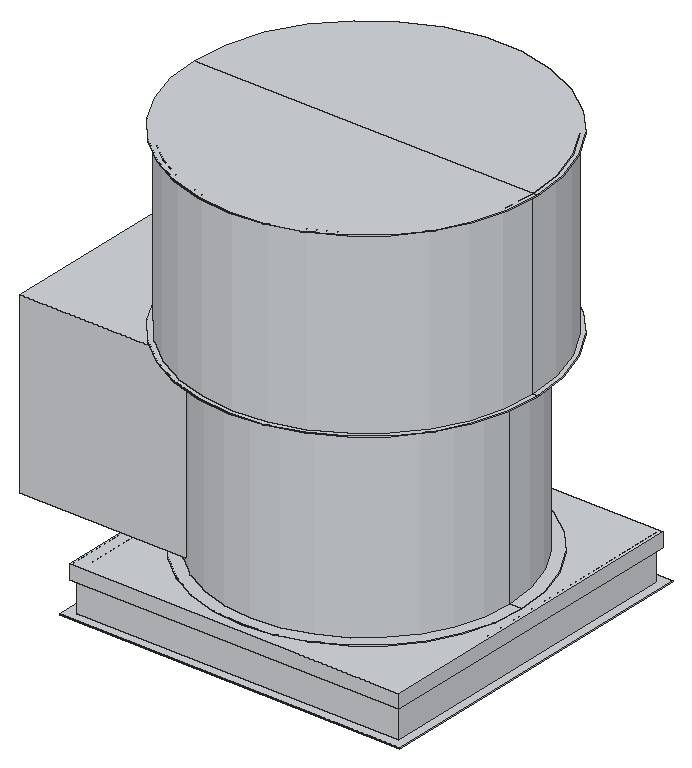
Revit family "AFB-C_Roof_Exhauster", category Mechanical Equipment, Revit 2019
Family settings
  Round Connector Dimension = Use Diameter
  Part Type = Normal
  Work Plane-Based = No
  Always vertical = Yes
  Cut with Voids When Loaded = No
  Shared = No
  Room Calculation Point = No
Parameters (values of type "60_AFB-C_ROOF_EXHAUSTER")
  Unit Weight [instance] = ""
  UP_A-E-3" = UP_A - E - 0' 3"  # 3' - 2 1/2"
  UP_A = 6' - 11 1/2"
  T_SQ = 5' - 10 1/4"
  RO/2 = RO / 2  # 2' - 8 7/8"
  RO = T_SQ - 0' 4 1/2"  # 5' - 5 3/4"
  ModelID [instance] = ""
  L/2 = L / 2  # 2' - 0 17/32"
  L = 4' - 1 1/16"
  K/2 = K / 2  # 0' - 0 7/32"
  K = 0' - 0 7/16"
  J/2 = J / 2  # 2' - 10 11/16"
  CURB_HEIGHT [instance] = 0' - 9 1/2"
  CURB [instance] = yes
  B/2*1.1 = B / 2 * 1.1  # 3' - 0.7125"
  Accessories [instance] = ""
  45 = 45.00°  # constant formula
  (T_SQ+.125")/2 = (T_SQ + 0' 0 1/4") / 2  # 2' - 11 1/4"
  (L-1")/2 = (L - 0' 1") / 2  # 2' - 0 1/32"
  (J+(J-A))/2 = (J + ((J - A) / 2)) / 2  # 3' - 0 11/16"
  J = 5' - 9 3/8"
  CENTER = 0' - 0"  # constant formula
  H-(A/2) = H - (A / 2)  # 2' - 0 1/16"
  H+J = H + CENTER  # 4' - 6 3/4"
  H = 4' - 6 3/4"
  Sones [instance] = ""
  Motor RPM [instance] = ""
  Motor Enclosure [instance] = ""
  LwA [instance] = ""
  G = 12' - 0"
  Fan RPM [instance] = ""
  F/2 = F / 2  # 0' - 1 1/2"
  F = 0' - 3"
  E/2 = E / 2  # 1' - 9"
  E-2" = E - 0' 2"  # 3' - 4"
  E = 3' - 6"
  C/2+J = C / 2 + CENTER  # 2' - 7 13/16"
  C/2 = C / 2  # 2' - 7 13/16"
  C = 5' - 3 5/8"
  B/2 = B / 2  # 2' - 9 3/8"
  B = 5' - 6 3/4"
  A/3 = A / 2.5  # 2' - 0.55"
  A/2 = A / 2  # 2' - 6 11/16"
  A = 5' - 1 3/8"
  60 = 60.00°  # constant formula
  30 = 30.00°  # constant formula
  3" = 0' - 3"  # constant formula
  Brake Hp [instance] = ""
  4" = 0' - 4"  # constant formula
  2' = 2' - 0"
  2" = 0' - 2"  # constant formula
  1" = 0' - 1"  # constant formula
  0 = 0' - 0"  # constant formula
  Voltage [instance] = 0 V
  URL = "www.lorencook.com"
  Type Comments = "Tube Axial Fan Roof Exhauster Belt Drive Arrangement 9"  # constant formula
  Static Pressure [instance] = 0.00 in-wg
  Power [instance] = Voltage * Motor FLA * sqrt(if(Phase = 3, 3, 1))  # 0 VA
  Phase [instance] = 0
  Number of Poles [instance] = 1
  Motor Hp [instance] = "0"
  Motor FLA [instance] = 0 A
  Model = "AFB-C"  # constant formula
  Manufacturer = "Loren Cook Company"
  CFM [instance] = 0 CFM
  1.5 = 0' - 1 1/2"  # constant formula
  ONE EIGTH = 0' - 0 1/8"  # constant formula
  -E/2 = -E / 2  # -1' - 9"
  -(E-.25")/2 = -(E - 0' 0 1/4") / 2  # -1' - 8 7/8"
  (K/2)-((J-A-.25")/2) = (K / 2) - ((J - A - 0' 0 1/4") / 2)  # -0' - 3 21/32"
  (J-A-.25") = (J - A - 0' 0 1/4")  # 0' - 7 3/4"
  (H-(A/2))/2 = (H - (A / 2)) / 2  # 1' - 0 1/32"
  (E-.25")/2 = (E - 0' 0 1/4") / 2  # 1' - 8 7/8"
  (A+.25")/2 = (A + 0' 0 1/4") / 2  # 2' - 6 13/16"
Types (12): name | UP_A-E-3" | UP_A | T_SQ | RO/2 | RO | L/2 | L | K/2 | K | J/2 | B/2*1.1 | (T_SQ+.125")/2 | (L-1")/2 | (J+(J-A))/2 | J | H-(A/2) | H+J | H | G | F/2 | F | E/2 | E-2" | E | C/2+J | C/2 | C | B/2 | B | A/3 | A/2 | A | -E/2 | -(E-.25")/2 | (K/2)-((J-A-.25")/2) | (J-A-.25") | (H-(A/2))/2 | (E-.25")/2 | (A+.25")/2
  (no name) | 3' - 2 1/2" | 6' - 11 1/2" | 5' - 10 1/4" | 2' - 8 7/8" | 5' - 5 3/4" | 2' - 0 17/32" | 4' - 1 1/16" | 0' - 0 7/32" | 0' - 0 7/16" | 2' - 10 11/16" | 3' - 0.7125" | 2' - 11 1/4" | 2' - 0 1/32" | 3' - 0 11/16" | 5' - 9 3/8" | 2' - 0 1/16" | 4' - 6 3/4" | 4' - 6 3/4" | 12' - 0" | 0' - 1 1/2" | 0' - 3" | 1' - 9" | 3' - 4" | 3' - 6" | 2' - 7 13/16" | 2' - 7 13/16" | 5' - 3 5/8" | 2' - 9 3/8" | 5' - 6 3/4" | 2' - 0.55" | 2' - 6 11/16" | 5' - 1 3/8" | -1' - 9" | -1' - 8 7/8" | -0' - 3 21/32" | 0' - 7 3/4" | 1' - 0 1/32" | 1' - 8 7/8" | 2' - 6 13/16"
  12_AFB-C_ROOF_EXHAUSTER | 0' - 11" | 3' - 0" | 1' - 10" | 0' - 8 3/4" | 1' - 5 1/2" | 0' - 6 3/8" | 1' - 0 3/4" | 0' - 0 3/16" | 0' - 0 3/8" | 0' - 9 1/32" | 0' - 8 19/32" | 0' - 11 1/8" | 0' - 5 7/8" | 0' - 10 21/64" | 1' - 6 1/16" | 1' - 6 3/16" | 2' - 0 5/8" | 2' - 0 5/8" | 6' - 0" | 0' - 0 5/32" | 0' - 0 5/16" | 0' - 11" | 1' - 8" | 1' - 10" | 0' - 7 5/16" | 0' - 7 5/16" | 1' - 2 5/8" | 0' - 7 13/16" | 1' - 3 5/8" | 0' - 5.15" | 0' - 6 7/16" | 1' - 0 7/8" | -0' - 11" | -0' - 10 7/8" | -0' - 2 9/32" | 0' - 4 15/16" | 0' - 9 3/32" | 0' - 10 7/8" | 0' - 6 9/16"
  16_AFB-C_ROOF_EXHAUSTER | 0' - 11" | 3' - 3" | 2' - 2" | 0' - 10 3/4" | 1' - 9 1/2" | 0' - 7 13/16" | 1' - 3 5/8" | 0' - 0 3/16" | 0' - 0 3/8" | 0' - 11 1/32" | 0' - 10.79375" | 1' - 1 1/8" | 0' - 7 5/16" | 1' - 0 21/64" | 1' - 10 1/16" | 1' - 9 11/16" | 2' - 6 1/8" | 2' - 6 1/8" | 6' - 0" | 0' - 0 5/32" | 0' - 0 5/16" | 1' - 0 1/2" | 1' - 11" | 2' - 1" | 0' - 9 5/16" | 0' - 9 5/16" | 1' - 6 5/8" | 0' - 9 13/16" | 1' - 7 5/8" | 0' - 6 3/4" | 0' - 8 7/16" | 1' - 4 7/8" | -1' - 0 1/2" | -1' - 0 3/8" | -0' - 2 9/32" | 0' - 4 15/16" | 0' - 10 27/32" | 1' - 0 3/8" | 0' - 8 9/16"
  18_AFB-C_ROOF_EXHAUSTER | 1' - 7" | 3' - 11" | 2' - 4" | 0' - 11 3/4" | 1' - 11 1/2" | 0' - 8 1/2" | 1' - 5" | 0' - 0 3/16" | 0' - 0 3/8" | 1' - 0 1/32" | 0' - 11.89375" | 1' - 2 1/8" | 0' - 8" | 1' - 1 21/64" | 2' - 0 1/16" | 1' - 9 11/16" | 2' - 7 1/8" | 2' - 7 1/8" | 6' - 0" | 0' - 0 5/32" | 0' - 0 5/16" | 1' - 0 1/2" | 1' - 11" | 2' - 1" | 0' - 10 5/16" | 0' - 10 5/16" | 1' - 8 5/8" | 0' - 10 13/16" | 1' - 9 5/8" | 0' - 7.55" | 0' - 9 7/16" | 1' - 6 7/8" | -1' - 0 1/2" | -1' - 0 3/8" | -0' - 2 9/32" | 0' - 4 15/16" | 0' - 10 27/32" | 1' - 0 3/8" | 0' - 9 9/16"
  24_AFB-C_ROOF_EXHAUSTER | 1' - 8" | 4' - 6" | 3' - 0" | 1' - 3 3/4" | 2' - 7 1/2" | 0' - 10 7/8" | 1' - 9 3/4" | 0' - 0 3/16" | 0' - 0 3/8" | 1' - 3 13/32" | 1' - 4.01875" | 1' - 6 1/8" | 0' - 10 3/8" | 1' - 4 57/64" | 2' - 6 13/16" | 2' - 3 7/16" | 3' - 3 7/8" | 3' - 3 7/8" | 6' - 0" | 0' - 0 7/32" | 0' - 0 7/16" | 1' - 3 1/2" | 2' - 5" | 2' - 7" | 1' - 1 7/16" | 1' - 1 7/16" | 2' - 2 7/8" | 1' - 2 9/16" | 2' - 5 1/8" | 0' - 9.95" | 1' - 0 7/16" | 2' - 0 7/8" | -1' - 3 1/2" | -1' - 3 3/8" | -0' - 2 21/32" | 0' - 5 11/16" | 1' - 1 23/32" | 1' - 3 3/8" | 1' - 0 9/16"
  28_AFB-C_ROOF_EXHAUSTER | 1' - 8" | 4' - 6" | 3' - 6" | 1' - 6 3/4" | 3' - 1 1/2" | 1' - 0 5/16" | 2' - 0 5/8" | 0' - 0 3/16" | 0' - 0 3/8" | 1' - 5 13/32" | 1' - 6 7/32" | 1' - 9 1/8" | 0' - 11 13/16" | 1' - 6 57/64" | 2' - 10 13/16" | 2' - 3 7/16" | 3' - 5 7/8" | 3' - 5 7/8" | 6' - 0" | 0' - 0 7/32" | 0' - 0 7/16" | 1' - 3 1/2" | 2' - 5" | 2' - 7" | 1' - 3 7/16" | 1' - 3 7/16" | 2' - 6 7/8" | 1' - 4 9/16" | 2' - 9 1/8" | 0' - 11.55" | 1' - 2 7/16" | 2' - 4 7/8" | -1' - 3 1/2" | -1' - 3 3/8" | -0' - 2 21/32" | 0' - 5 11/16" | 1' - 1 23/32" | 1' - 3 3/8" | 1' - 2 9/16"
  32_AFB-C_ROOF_EXHAUSTER | 2' - 2" | 5' - 3" | 3' - 6" | 1' - 6 3/4" | 3' - 1 1/2" | 1' - 2 1/8" | 2' - 4 1/4" | 0' - 0 7/32" | 0' - 0 7/16" | 1' - 7 31/32" | 1' - 8.4875" | 1' - 9 1/8" | 1' - 1 5/8" | 1' - 9 45/64" | 3' - 3 15/16" | 2' - 4 3/4" | 3' - 9 1/4" | 3' - 9 1/4" | 6' - 0" | 0' - 0 7/32" | 0' - 0 7/16" | 1' - 5" | 2' - 8" | 2' - 10" | 1' - 5 1/2" | 1' - 5 1/2" | 2' - 11" | 1' - 6 5/8" | 3' - 1 1/4" | 1' - 1.2" | 1' - 4 1/2" | 2' - 9" | -1' - 5" | -1' - 4 7/8" | -0' - 3 1/8" | 0' - 6 11/16" | 1' - 2 3/8" | 1' - 4 7/8" | 1' - 4 5/8"
  36_AFB-C_ROOF_EXHAUSTER | 2' - 2" | 5' - 3" | 4' - 0" | 1' - 9 3/4" | 3' - 7 1/2" | 1' - 3 17/32" | 2' - 7 1/16" | 0' - 0 7/32" | 0' - 0 7/16" | 1' - 9 31/32" | 1' - 10.75625" | 2' - 0 1/8" | 1' - 3 1/32" | 1' - 11 45/64" | 3' - 7 15/16" | 2' - 4 3/4" | 3' - 11 1/4" | 3' - 11 1/4" | 6' - 0" | 0' - 0 7/32" | 0' - 0 7/16" | 1' - 5" | 2' - 8" | 2' - 10" | 1' - 7 1/2" | 1' - 7 1/2" | 3' - 3" | 1' - 8 11/16" | 3' - 5 3/8" | 1' - 2.8" | 1' - 6 1/2" | 3' - 1" | -1' - 5" | -1' - 4 7/8" | -0' - 3 1/8" | 0' - 6 11/16" | 1' - 2 3/8" | 1' - 4 7/8" | 1' - 6 5/8"
  44_AFB-C_ROOF_EXHAUSTER | 3' - 2" | 6' - 11" | 4' - 6" | 2' - 0 3/4" | 4' - 1 1/2" | 1' - 6 3/8" | 3' - 0 3/4" | 0' - 0 7/32" | 0' - 0 7/16" | 2' - 2" | 2' - 3 5/32" | 2' - 3 1/8" | 1' - 5 7/8" | 2' - 3 3/4" | 4' - 4" | 3' - 0 1/4" | 4' - 10 3/4" | 4' - 10 3/4" | 12' - 0" | 0' - 0 7/32" | 0' - 0 7/16" | 1' - 9" | 3' - 4" | 3' - 6" | 1' - 11 3/4" | 1' - 11 3/4" | 3' - 11 1/2" | 2' - 0 11/16" | 4' - 1 3/8" | 1' - 6" | 1' - 10 1/2" | 3' - 9" | -1' - 9" | -1' - 8 7/8" | -0' - 3 5/32" | 0' - 6 3/4" | 1' - 6 1/8" | 1' - 8 7/8" | 1' - 10 5/8"
  48_AFB-C_ROOF_EXHAUSTER | 3' - 2 1/2" | 6' - 11 1/2" | 4' - 10 1/4" | 2' - 2 7/8" | 4' - 5 3/4" | 1' - 8 3/16" | 3' - 4 3/8" | 0' - 0 7/32" | 0' - 0 7/16" | 2' - 4 9/16" | 2' - 5.425" | 2' - 5 1/4" | 1' - 7 11/16" | 2' - 6 9/16" | 4' - 9 1/8" | 3' - 0 3/16" | 5' - 0 3/4" | 5' - 0 3/4" | 12' - 0" | 0' - 0 7/32" | 0' - 0 7/16" | 1' - 9" | 3' - 4" | 3' - 6" | 2' - 1 13/16" | 2' - 1 13/16" | 4' - 3 5/8" | 2' - 2 3/4" | 4' - 5 1/2" | 1' - 7.65" | 2' - 0 9/16" | 4' - 1 1/8" | -1' - 9" | -1' - 8 7/8" | -0' - 3 21/32" | 0' - 7 3/4" | 1' - 6 3/32" | 1' - 8 7/8" | 2' - 0 11/16"
  54_AFB-C_ROOF_EXHAUSTER | 3' - 2 1/2" | 6' - 11 1/2" | 5' - 4 1/4" | 2' - 5 7/8" | 4' - 11 3/4" | 1' - 10 1/2" | 3' - 9" | 0' - 0 7/32" | 0' - 0 7/16" | 2' - 7 13/16" | 2' - 9.4125" | 2' - 8 1/4" | 1' - 10" | 2' - 9 7/8" | 5' - 3 5/8" | 2' - 0 1/16" | 4' - 3 3/4" | 4' - 3 3/4" | 12' - 0" | 0' - 0 7/32" | 0' - 0 7/16" | 1' - 9" | 3' - 4" | 3' - 6" | 2' - 4 13/16" | 2' - 4 13/16" | 4' - 9 5/8" | 2' - 6 3/8" | 5' - 0 3/4" | 1' - 10.15" | 2' - 3 11/16" | 4' - 7 3/8" | -1' - 9" | -1' - 8 7/8" | -0' - 3 25/32" | 0' - 8" | 1' - 0 1/32" | 1' - 8 7/8" | 2' - 3 13/16"
  60_AFB-C_ROOF_EXHAUSTER | 3' - 2 1/2" | 6' - 11 1/2" | 5' - 10 1/4" | 2' - 8 7/8" | 5' - 5 3/4" | 2' - 0 17/32" | 4' - 1 1/16" | 0' - 0 7/32" | 0' - 0 7/16" | 2' - 10 11/16" | 3' - 0.7125" | 2' - 11 1/4" | 2' - 0 1/32" | 3' - 0 11/16" | 5' - 9 3/8" | 2' - 0 1/16" | 4' - 6 3/4" | 4' - 6 3/4" | 12' - 0" | 0' - 1 1/2" | 0' - 3" | 1' - 9" | 3' - 4" | 3' - 6" | 2' - 7 13/16" | 2' - 7 13/16" | 5' - 3 5/8" | 2' - 9 3/8" | 5' - 6 3/4" | 2' - 0.55" | 2' - 6 11/16" | 5' - 1 3/8" | -1' - 9" | -1' - 8 7/8" | -0' - 3 21/32" | 0' - 7 3/4" | 1' - 0 1/32" | 1' - 8 7/8" | 2' - 6 13/16"
Reference planes (in)
  plane 1 "Center (Front/Back)": y = 0
  plane 2: z = 0
  plane 3 "Center (Left/Right)": x = 0.40541
Forms (in)
  Revolve 1, solid
    sketch origin (0, 0, 0) x (1, 0, 0) y (0, 0, 1)
      loop
        line (0.40541, 3) -> (33.78041, 3) -> (33.78041, 3.125) -> (31.21791, 3.125) -> (31.21791, 44.875) -> (33.78041, 44.875) -> (33.78041, 45) -> (0.40541, 45) -> (0.40541, 3)
      axis (0.40541, 3) -> (0.40541, 45)
    angle from 0 to 360
  Extrusion 2, solid
    sketch origin (0.40541, 0, 44.875) x (1, 0, 0) y (0, -1, 0)
      loop
        arc (-19.28495, -24.03125) -> (-30.8125, 0) -> (-19.28495, 24.03125) r 30.8125
        line (-19.28495, 24.03125) -> (-54.75, 24.03125) -> (-54.75, -24.03125) -> (-19.28495, -24.03125)
    from 40 <- "E-2"" to 2
  Extrusion 3, void
    sketch origin (0, 0, 0) x (1, 0, 0) y (0, 1, 0)
      loop
        circle (0.40541, 0) r 0.125
    from -21 <- "-E/2" to 21 <- "E/2"
  Extrusion 4, solid
    sketch origin (0, 0, 0) x (1, 0, 0) y (0, 1, 0)
      loop
        line (-34.84459, 35.25) -> (-34.84459, -35.25) -> (35.65541, -35.25) -> (35.65541, 35.25) -> (-34.84459, 35.25)
    from 0 to 3
  Extrusion 5, void
    sketch origin (0, 0, 0) x (1, 0, 0) y (0, 1, 0)
      loop
        line (-34.71959, 35.125) -> (-34.71959, -35.125) -> (35.53041, -35.125) -> (35.53041, 35.125) -> (-34.71959, 35.125)
    from 0 to 2.875
  Revolve 6, solid
    sketch origin (0, 0, 0) x (1, 0, 0) y (0, 0, 1)
      loop
        line (0.40541, 44.875) -> (37.11791, 44.875) -> (37.11791, 45) -> (36.11791, 45) -> (36.11791, 83.375) -> (37.11791, 83.375) -> (37.11791, 83.5) -> (0.40541, 83.5) -> (0.40541, 44.875)
      axis (0.40541, 83.5) -> (0.40541, 44.875)
    angle from 0 to 360
  Extrusion 7, solid, visible <- "CURB"
    sketch origin (0, 0, 2.875) x (0, 1, 0) y (1, 0, 0)
      loop
        line (32.875, -32.46959) -> (32.875, 33.28041) -> (-32.875, 33.28041) -> (-32.875, -32.46959) -> (32.875, -32.46959)
      loop
        line (-34.375, 34.78041) -> (-34.375, -33.96959) -> (34.375, -33.96959) -> (34.375, 34.78041) -> (-34.375, 34.78041)
    from 0 to 9.5 <- "CURB_HEIGHT"
  Extrusion 8, solid, visible <- "CURB"
    sketch origin (0, 0, -6.625) x (-1, 0, 0) y (0, 1, 0)
      loop
        line (33.96959, -34.375) -> (33.96959, 34.375) -> (-34.78041, 34.375) -> (-34.78041, -34.375) -> (33.96959, -34.375)
      loop
        line (-36.78041, 36.375) -> (-36.78041, -36.375) -> (35.96959, -36.375) -> (35.96959, 36.375) -> (-36.78041, 36.375)
    from 0 to -0.125
Cuts and joins
  Extrusion 3 cuts Revolve 1
  Extrusion 3 cuts Extrusion 2
  Extrusion 5 cuts Extrusion 4
Dimensions and locks (in)
  "0": Revolve 1 sketch curve to plane 3 "Center (Left/Right)"  (x2)
  "(A+.25")/2": Revolve 1 sketch curve to plane 3 "Center (Left/Right)"
  "B/2": Revolve 1 sketch curve to plane 3 "Center (Left/Right)"  (x2)
  "ONE EIGTH": Revolve 1 sketch curve to Revolve 1 sketch curve  (x2)
  "E": Revolve 1 sketch curve to Revolve 1 sketch curve
  "3"": Revolve 1 sketch curve to level
  "H": Extrusion 2 sketch curve to plane 3 "Center (Left/Right)"
  "(L-1")/2": Extrusion 2 sketch curve to plane 1 "Center (Front/Back)"  (x2)
  "0": Extrusion 2 sketch curve to plane 3 "Center (Left/Right)"
  "0": Extrusion 2 sketch curve to plane 1 "Center (Front/Back)"
  "0": Extrusion 3 sketch curve to plane 3 "Center (Left/Right)"
  "0": plane 1 "Center (Front/Back)" to Extrusion 3 sketch curve
  "(T_SQ+.125")/2": Extrusion 4 sketch curve to plane 3 "Center (Left/Right)"
  "(T_SQ+.125")/2": plane 3 "Center (Left/Right)" to Extrusion 4 sketch curve
  "(T_SQ+.125")/2": plane 1 "Center (Front/Back)" to Extrusion 4 sketch curve
  "(T_SQ+.125")/2": Extrusion 4 sketch curve to plane 1 "Center (Front/Back)"
  "ONE EIGTH": Extrusion 5 sketch curve to Extrusion 4  (x3)
  "ONE EIGTH": Extrusion 4 to Extrusion 5 sketch curve
  "UP_A": Revolve 6 sketch curve to level
  "0": Revolve 6 sketch curve to cut or joined group of Revolve 1, Extrusion 3
  "0": Revolve 6 sketch curve to plane 3 "Center (Left/Right)"  (x2)
  "B/2*1.1": Revolve 6 sketch curve to plane 3 "Center (Left/Right)"  (x2)
  "ONE EIGTH": Revolve 6 sketch curve to Revolve 6 sketch curve  (x2)
  "1"": Revolve 6 sketch curve to Revolve 6 sketch curve  (x2)
  "1.5": Extrusion 7 sketch curve to Extrusion 7 sketch curve  (x4)
  "RO/2": Extrusion 7 sketch curve to plane 3 "Center (Left/Right)"
  "RO/2": plane 3 "Center (Left/Right)" to Extrusion 7 sketch curve
  "RO/2": plane 1 "Center (Front/Back)" to Extrusion 7 sketch curve
  "RO/2": Extrusion 7 sketch curve to plane 1 "Center (Front/Back)"
  "2"": Extrusion 8 sketch curve to Extrusion 8 sketch curve  (x4)
  "0": Extrusion 8 sketch curve to Extrusion 7  (x3)
  "0": Extrusion 7 to Extrusion 8 sketch curve
  "(A+.25")/2": radius of Extrusion 2 sketch curve
  "ONE EIGTH": radius of Extrusion 3 sketch curve
Automatic sketch dimensions
  Extrusion 2 sketch curve to Extrusion 2 sketch curve = 0' - 0"
  Revolve 1 sketch curve to Revolve 1 sketch curve = 0' - 0"
  Revolve 1 sketch curve to Revolve 1 sketch curve = 1' - 6"
  Revolve 6 sketch curve to Revolve 6 sketch curve = 0' - 6"
  Revolve 6 sketch curve to Revolve 6 sketch curve = 1' - 4"
Connectors (in)
  electrical at (-36.61206, -24.03125, 23.875)
    settings: on Extrusion 2, index 1, voltage 0 V, apparent load 0 VA, apparent load phase1 0 VA, apparent load phase2 0 VA, apparent load phase3 0 VA, power factor 1, load classification "Other", number of poles 1, system type 30, power factor state 1, is connector primary yes, connector utility no, sub classification motor no, connector description ""
  hvac at (0.40541, 0, 3), driven by "CFM", driven by "RO", driven by "RO"
    settings: on cut or joined group of Extrusion 4, Extrusion 5, index 2, duct flow 0 CFM, flow factor 0, pres drop 0.00 in-wg, loss coef 0, conn angle 0.00°, conn width 65 3/4", conn height 65 3/4", conn diameter 24", duct sys type 3, conn prof type 1, flow config 0, flow direction 1, loss method 0, conn ref index -1, conn util no, is conn primary yes, conn desc ""
